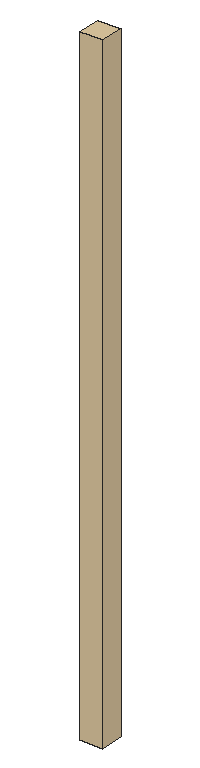
Revit family "치수 재목-기둥", category 구조 기둥, Revit 2026
Family settings
  단면 모양 = 정의되지 않음
  모델 동작 재료 = 목재
  항상 형상으로 내보내기 = 아니오
  평면의 보 전환 = 경계 상자에서
  로드될 때 보이드를 사용하여 절단 = 아니오
  기호 표현 = 프로젝트 설정에서
  공유 = 아니오
  평면도에서 미리 절단된 패밀리 표시 = 예
Parameters (values of type "89 x 89")
  Assembly Code = ""
  Structural Material [instance] = 목재 - 치수 재목
  A = 0.008 m²
  Ix = 127.05
  Iy = 127.1
  Sx = 1919
  Sy = 117
  b = 88.9 mm
  d = 88.9 mm
Reference planes
  plane 1 "중심(앞/뒤)": y = 0
  plane 2: z = 0
  plane 3 "중심(왼쪽/오른쪽)": x = 0
  plane 4: x = -44.45
  plane 5: x = 44.45
  plane 6: y = 44.45
  plane 7: y = -44.45
Forms (mm)
  Extrusion 1, solid, material "목재 - 치수 재목" <- "Structural Material", detail levels medium+fine
    sketch origin (0, 0, 0) x (1, 0, 0) y (0, 1, 0)
      loop
        line (-44.45, 44.45) -> (-44.45, -44.45) -> (44.45, -44.45) -> (44.45, 44.45) -> (-44.45, 44.45)
    from 0 to 2500
Lines and regions (mm)
  symbolic lines, style "StructuralColumnStickSymbols", detail levels coarse
    curve 1: line (-44.45, 44.45, 0) -> (44.45, 44.45, 0)
    curve 2: line (-44.45, -44.45, 0) -> (44.45, -44.45, 0)
    curve 3: line (-44.45, 44.45, 0) -> (-44.45, -44.45, 0)
    curve 4: line (44.45, 44.45, 0) -> (44.45, -44.45, 0)
Dimensions and locks
  equal spacing: plane 4, plane 3 "중심(왼쪽/오른쪽)", plane 5
  equal spacing: plane 7, plane 1 "중심(앞/뒤)", plane 6
  "d": plane 7 to plane 6
  "b": plane 4 to plane 5
  aligned and locked: plane 6 to Extrusion 1 sketch curve
  aligned and locked: Extrusion 1 sketch curve to plane 7
  aligned and locked: Extrusion 1 sketch curve to plane 4
  aligned and locked: plane 5 to Extrusion 1 sketch curve
  aligned and locked: level to Extrusion 1
  aligned and locked: level to plane 2
  aligned and locked: Extrusion 1 to plane 2
Automatic sketch dimensions
  curve 3 to plane 4 = 0 mm
  curve 4 to plane 5 = 0 mm
  curve 3 to plane 7 = 0 mm
  curve 3 to plane 6 = 0 mm
